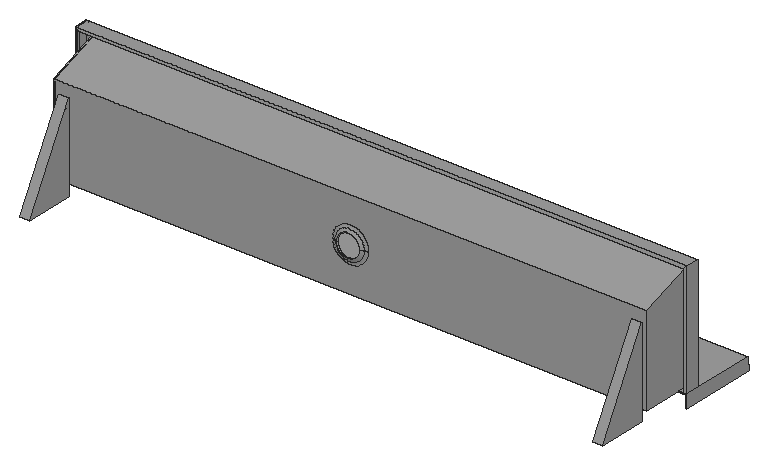
Revit family "equip-sink-elkay-sta-wall-ewma", category Plumbing Fixtures, host Face, Revit 2019
Family settings
  Host = Face
  Round Connector Dimension = Use Radius
  Part Type = Normal
  Cut with Voids When Loaded = No
  Shared = No
  Room Calculation Point = No
Parameters (values of type "EWMA96208")
  Wall Face to Drain Trap CL [instance] = 0' - 5 7/8"
  T4 = no
  Sink Edge Right to Faucet 4 Hole B = 0' - 8"
  Sink Edge Left to Faucet 1 Hole A = 0' - 8"
  Sink Bottom Corner From Front = 0' - 4 1/4"  # constant formula
  Side Splashes = no
  WFU = 0
  Vent Connection = yes
  Valve Material = Metal - Brass
  URL = "www.elkayusa.com"
  Type Comments = ""
  Thermostatic Mix Valve = no
  Supply Line Mix Length = if(No Mix Valve, 0' 3 1/2", 0' 0 1/2")  # 0' - 0 1/2"
  Stem Material = Metal - Steel
  Specification Sheet URL = "http://www.elkayusa.com/cps/rde/xbcr/elkay/03-17J_EWMA9620C.pdf"
  Sink Width = 1' - 8"
  Sink San Conn Extr Visibility = no
  Sink Part = "EWMA96208"
  Sink Material = Metal - Steel - Stainless - Chrome
  Sink Length = 8' - 0"
  Sink Rim Right Width = 0' - 1 1/2"  # constant formula
  Sink Rim Left Width = 0' - 1 1/2"  # constant formula
  Sink Rim Front Width = 0' - 1 1/2"  # constant formula
  Hidden Width = Sink Width  # 1' - 8"
  Hidden Length = Sink Length  # 8' - 0"
  GN08 = no
  Faucet CL to AC Adapter Elev = 1' - 10"
  Faucet 4 Hole B to Rough-In Water Supply CL 4 = 0' - 4"
  Faucet 4 Hole B to Faucet 4 CL = 0' - 4"
  Faucet 4 Hole B Front = 0' - 0 1/4"
  Faucet CL Vert to Bottom of Control Box Inlet = 2' - 2 21/64"
  Sanitary Nominal Radius = Sanitary Nominal Dia / 2  # 0' - 0 3/4"
  Sanitary Nominal Dia = 0' - 1 1/2"
  Sanitary Flow Rate = 10 GPM
  Rough-In Water Supply Installation Height = 3' - 6"
  Rough-In Sanitary Right From CL Sink = 0' - 0"
  Rough-In Sanitary Installation Height = 1' - 11"
  OmniClass Title = "Service Sinks"
  OmniClass Code = "23.45.05.14.14.27"
  Nominal Radius = Nominal Dia / 2  # 0' - 0 1/4"
  Nominal Dia = 0' - 0 1/2"
  No Mix Valve = no
  Model = "EWMA96208"
  Mix Valve Part = "NA"
  Minimum Cabinet Width = "NA"
  Mechanical Mix Valve = no
  MasterFormat Title = "Commercial Sinks"
  MasterFormat Number = "22.42.16.16"
  Manufacturer = "Elkay Manufacturing"
  Keynote = "D2010410"
  Hole Radius = Faucet Hole Dia / 2  # 0' - 0 3/4"
  Faucet 4 Hole B to A = 0' - 8"
  Faucet 4 Hole A Front = 0' - 0 1/4"
  Faucet 3 Rough-In Water Supply CL Separation = 0' - 8"
  Faucet 3 Hole B to Rough-In Water Supply CL 3 = 0' - 4"
  Faucet 3 Hole B to Faucet 3 CL = 0' - 4"
  Faucet 3 Hole B to A = 0' - 8"
  Faucet 3 Hole B from CL = 1' - 4"
  Faucet 3 Hole B Front = 0' - 0 1/4"
  Faucet 3 Hole A Front = 0' - 0 1/4"
  Faucet 2 Rough-In Water Supply CL Separation = 0' - 8"
  Faucet 2 Hole B from Hole A = 0' - 8"
  HWFU = 0
  HW Flow Rate = 2 GPM
  Floor to Rim Height Hidden [instance] = if(Default Elevation > 2' 7 31/64", Default Elevation, 2' 7 1/2")  # 3' - 0"
  Faucet Water Supply Radius = 0' - 0 3/16"  # constant formula
  Faucet Part = "NA"
  Faucet Material = Metal - Steel - Stainless - Chrome
  Faucet Hole Two = yes
  Faucet Hole Three = no
  Faucet 2 Hole B Front = 0' - 0 1/4"
  Faucet 2 Hole A to Rough-In Water Supply CL 2 = 0' - 4"
  Faucet 2 Hole A to Faucet 2 CL = 0' - 8"
  Faucet 2 Hole A Front = 0' - 0 1/4"
  Faucet 2 Hole A From CL = 1' - 4"
  Faucet Hole One = no
  Faucet Hole Dia = 0' - 1 1/2"
  Faucet CL to Wall = 0' - 3"
  Faucet 1 Hole B Front = 0' - 0 1/4"
  Faucet 1 Hole A to Rough-In Water Supply CL 1 = 0' - 4"
  Faucet 1 Hole A to Faucet 1 CL = 0' - 4"
  Faucet 1 Hole A to B = 0' - 8"
  Faucet 1 Hole A Front = 0' - 0 1/4"
  Drain Pipe Extension = 0' - 1 43/64"
  Drain Part = "NA"
  Drain Material = Metal - Steel - Stainless - Chrome
  Drain CL LR to Left Bowl Edge = Bowl Length / 2  # 3' - 10 1/4"
  Rough-In Water Supply CL Separation = 0' - 8"
  Description = "Wash-Up Lavatory Sinks"
  Default Elevation = 3' - 0"
  Date Created = "2011-07-12"
  Cost = 1
  CWFU = 0
  CW Flow Rate = 2 GPM
  Faucet CL to AC Adapter = 0' - 7"
  Faucet CL to Top Backsplash = 0' - 4"
  Bubbler Part = "NA"
  Bubbler Nominal Radius = Bubbler Nominal Dia / 2  # 0' - 0 1/4"
  Bubbler Nominal Dia = 0' - 0 1/2"
  Bubbler Material = Metal - Steel - Stainless - Chrome
  Bubbler CW Flow Rate = 2 GPM
  Bracket Front from Wall = 1' - 2"
  Bowl Width = Sink Width - Backsplash Width - Sink Bottom Corner From Front  # 1' - 1 3/4"
  Bowl Length = Sink Length - Sink Rim Front Width - Backsplash Width  # 7' - 8 1/2"
  Bowl Drain Location FB = Bowl Width / 2  # 0' - 6 7/8"
  Bowl Depth = 0' - 8"
  Backsplash Width = 0' - 2"  # constant formula
  Backsplash Height = 0' - 10"
  Assembly Code = "D2010410"
  Angle to Drain = 90.00°
  AC Power = no
Reference planes (in)
  plane 1 "Center (Front/Back)": y = 0
  plane 2: z = 0
  plane 3 "Center (Left/Right)": x = 0
  plane 4 "Recommend Installation Base": y = -36
  plane 5 "Face of Connectors": z = 0.125
  plane 6 "Water Supply Install Height": y = 6
  plane 7 "Sanitary Install Height": y = -13
  plane 8 "Water Cold Supply Install Plan": x = -32
  plane 9 "Water Hot Supply Plan": x = -40
  plane 10 "Sanitary Install Plan": x = 0
  plane 11 "Sink Deck": y = -0.1875
  plane 12 "CL Valve Plan": x = -36
  plane 13 "CL Valve Section": z = 2.5
  plane 14 "CL Drain F/B": z = 8.875
  plane 15 "Left": x = -48
  plane 16 "Right": x = 48
  plane 17 "Front": z = 20
  plane 18 "cL vertical inlet at top bend water linlet": z = 1
  plane 19 "Front Edge Bowl": z = 18.5
  plane 20 "Left Edge Bowl": x = -46.5
  plane 21 "Right Edge Bowl": x = 46.5
  plane 22 "Masking Region": y = 1.25
  plane 23 "Sanitary pipe vertical radius cl": x = 0
  plane 24 "CL Battery Pack from Wall": z = 1
  plane 25 "Top of Drain Family": y = -7.96875
  plane 26 "Bowl Bottom": y = -8
  plane 27 "CL Faucet Hole Elevation": y = 6
  plane 28 "Top": y = 10
  plane 29 "Bottom Drain Pipe Extension": y = -12.58619
  plane 30 "Top of Drain Pipe Extension": y = -9.43875
  plane 31 "Backsplash Front": z = 2
  plane 32 "Faucet 1 Hole A": x = -40
  plane 33 "Faucet 4 Hole B": x = 40
  plane 34 "Faucet 4 Hot Water Supply at Wall": x = 32
  plane 35 "Faucet 4 Cold Water Supply": x = 40
  plane 36 "Faucet 4 Valve CL Plan": x = 36
  plane 37 "Sink Bottom Front": z = 15.75
  plane 38 "bOTTOM OF pipe drain": y = -14.25806
  plane 39 "Faucet 1 CL Vertical": x = -36
  plane 40 "Faucet 4 CL Vertical": x = 36
  plane 41 "Faucet 2 Hole A": x = -16
  plane 42 "Faucet 2 CL": x = -8
  plane 43 "Faucet 2 Hot Water Supply": x = -16
  plane 44 "DrainSpout Right": x = 0.375
  plane 45 "DrainSpout Left": x = -0.375
  plane 46 "Faucet 3 Cold Water Supply": x = 16
  plane 47 "Faucet 3 CL": x = 12
  plane 48 "Faucet 3 Hot Water Supply": x = 8
  plane 49 "Faucet 3 Hole B": x = 16
  plane 50 "Valve 3 CL": x = 12
  plane 51 "Faucet 2 Cold Water Supply": x = -8
  plane 52 "Valve 2 CL": x = -12
Forms (in)
  Extrusion 1, solid, material "Glass", not visible
    sketch origin (0, 0, 0) x (1, 0, 0) y (0, 1, 0)
      loop
        circle (0, -13) r 0.75
    from 0 to 0.125
  Extrusion 2, solid, material "Glass", not visible
    sketch origin (0, 0, 0) x (1, 0, 0) y (0, 1, 0)
      loop
        circle (-40, 6) r 0.25
    from 0 to 0.125
  Extrusion 3, solid, material "Glass", not visible
    sketch origin (0, 0, 0) x (1, 0, 0) y (0, 1, 0)
      loop
        circle (-32, 6) r 0.25
    from 0 to 0.125
  Extrusion 4, solid, material "Glass", not visible
    sketch origin (0, 0, 0) x (1, 0, 0) y (0, 1, 0)
      loop
        circle (40, 6) r 0.25
    from 0 to 0.125
  Extrusion 5, solid, material "Glass", not visible
    sketch origin (0, 0, 0) x (1, 0, 0) y (0, 1, 0)
      loop
        circle (32, 6) r 0.25
    from 0 to 0.125
  Extrusion 6, solid, material "Glass", not visible
    sketch origin (0, 0, 0) x (1, 0, 0) y (0, 1, 0)
      loop
        circle (-8, 6) r 0.25
    from 0 to 0.125
  Extrusion 7, solid, material "Glass", not visible
    sketch origin (0, 0, 0) x (1, 0, 0) y (0, 1, 0)
      loop
        circle (-16, 6) r 0.25
    from 0 to 0.125
  Extrusion 8, solid, material "Glass", not visible
    sketch origin (0, 0, 0) x (1, 0, 0) y (0, 1, 0)
      loop
        circle (8, 6) r 0.25
    from 0 to 0.125
  Extrusion 9, solid, material "Glass", not visible
    sketch origin (0, 0, 0) x (1, 0, 0) y (0, 1, 0)
      loop
        circle (16, 6) r 0.25
    from 0 to 0.125
Lines and regions (in)
  Masking region 1
    outline origin (0, 1.25, 0) x (0, 0, 1) y (1, 0, 0)
      loop
        line (20, 48) -> (0, 48) -> (0, -48) -> (20, -48) -> (20, 48)
  reference lines, not visible
    curve 1: circle (0, -13, 0) r 0.75 normal (0, 0, 1)
    curve 2: circle (-40, 6, 0) r 0.25 normal (0, 0, 1)
    curve 3: circle (-32, 6, 0) r 0.25 normal (0, 0, 1)
    curve 4: circle (-32, 0, 5.5) r 0.25 normal (0, -1, 0)
    curve 5: circle (0, 0, 5.5) r 0.1875 normal (0, -1, 0)
    curve 11: circle (32, 6, 0) r 0.25 normal (0, 0, 1)
    curve 12: circle (0, 6, 8.875) r 1.75 normal (0, 1, 0)
    curve 13: arc (0.375, 6, 11.09353) -> (0, 6, 6.625) -> (-0.375, 6, 11.09353) r 2.25
    curve 14: circle (-16, 6, 0) r 0.25 normal (0, 0, 1)
    curve 27: circle (8, 6, 0) r 0.25 normal (0, 0, 1)
    curve 28: circle (16, 6, 0) r 0.25 normal (0, 0, 1)
    curve 29: circle (40, 6, 0) r 0.25 normal (0, 0, 1)
    curve 30: circle (-8, 6, 0) r 0.25 normal (0, 0, 1)
  symbolic lines, style "Sink Plan"
    curve 6: line (48, 1.25, 2) -> (-48, 1.25, 2)
    curve 7: line (-46.5, 1.25, 18.5) -> (46.5, 1.25, 18.5)
    curve 8: line (46.5, 1.25, 2) -> (46.5, 1.25, 18.5)
    curve 9: line (-46.5, 1.25, 15.75) -> (46.5, 1.25, 15.75)
    curve 10: line (-46.5, 1.25, 2) -> (-46.5, 1.25, 18.5)
    curve 17: arc (-0.375, 1.25, 11.09353) -> (0, 1.25, 11.125) -> (0.375, 1.25, 11.09353) r 2.25
    curve 18: arc (0.375, 1.25, 11.09353) -> (2.25, 1.25, 8.875) -> (0.375, 1.25, 6.65647) r 2.25
    curve 19: arc (0.375, 1.25, 10.58435) -> (1.75, 1.25, 8.875) -> (0.375, 1.25, 7.16565) r 1.75
    curve 20: arc (-0.375, 1.25, 10.58435) -> (0, 1.25, 10.625) -> (0.375, 1.25, 10.58435) r 1.75
    curve 21: arc (-0.375, 1.25, 7.16565) -> (-1.75, 1.25, 8.875) -> (-0.375, 1.25, 10.58435) r 1.75
    curve 22: arc (0.375, 1.25, 7.16565) -> (0, 1.25, 7.125) -> (-0.375, 1.25, 7.16565) r 1.75
    curve 23: arc (0.375, 1.25, 6.65647) -> (0, 1.25, 6.625) -> (-0.375, 1.25, 6.65647) r 2.25
    curve 24: arc (-0.375, 1.25, 6.65647) -> (-2.25, 1.25, 8.875) -> (-0.375, 1.25, 11.09353) r 2.25
  symbolic lines, style "InvisibleLines"
    curve 15: line (-0.375, 1.25, 11.09353) -> (-0.375, 1.25, 10.58435)
    curve 16: line (0.375, 1.25, 11.09353) -> (0.375, 1.25, 10.58435)
    curve 25: line (0.375, 1.25, 7.16565) -> (0.375, 1.25, 6.65647)
    curve 26: line (-0.375, 1.25, 7.16565) -> (-0.375, 1.25, 6.65647)
Dimensions and locks (in)
  plane 4 "Recommend Installation Base" to plane 1 "Center (Front/Back)" = 3' - 0"
  locked: plane 5 "Face of Connectors" to plane 2 at 0.125
  "Faucet 1 Hole A to Rough-In Water Supply CL 1": plane 32 "Faucet 1 Hole A" to plane 12 "CL Valve Plan"
  "Rough-In Water Supply CL Separation": plane 9 "Water Hot Supply Plan" to plane 8 "Water Cold Supply Install Plan"
  "Rough-In Sanitary Right From CL Sink": plane 3 "Center (Left/Right)" to plane 10 "Sanitary Install Plan"
  "Floor to Rim Height Hidden": plane 4 "Recommend Installation Base" to plane 1 "Center (Front/Back)"
  "Rough-In Water Supply Installation Height": plane 6 "Water Supply Install Height" to plane 4 "Recommend Installation Base"
  "Rough-In Sanitary Installation Height": plane 7 "Sanitary Install Height" to plane 4 "Recommend Installation Base"
  locked: plane 1 "Center (Front/Back)" to plane 11 "Sink Deck" at 0.1875
  equal spacing: plane 9 "Water Hot Supply Plan", plane 12 "CL Valve Plan", plane 8 "Water Cold Supply Install Plan"
  locked: plane 13 "CL Valve Section" to plane 2 at 2.5
  "Bowl Drain Location FB": plane 14 "CL Drain F/B" to plane 31 "Backsplash Front"
  "Sink Rim Left Width": plane 15 "Left" to plane 20 "Left Edge Bowl"
  "Sink Rim Right Width": plane 21 "Right Edge Bowl" to plane 16 "Right"
  "Sink Rim Front Width": plane 19 "Front Edge Bowl" to plane 17 "Front"
  "Sink Length": plane 15 "Left" to plane 16 "Right"
  equal spacing: plane 15 "Left", plane 3 "Center (Left/Right)", plane 16 "Right"
  locked: plane 1 "Center (Front/Back)" to plane 22 "Masking Region" at 1.25
  equal spacing: plane 3 "Center (Left/Right)", plane 23 "Sanitary pipe vertical radius cl", plane 10 "Sanitary Install Plan"
  locked: plane 2 to plane 24 "CL Battery Pack from Wall" at 1
  locked: plane 26 "Bowl Bottom" to plane 25 "Top of Drain Family" at 0.03125
  "Bowl Depth": plane 26 "Bowl Bottom" to plane 1 "Center (Front/Back)"
  "Sink Width": plane 2 to plane 17 "Front"
  "Faucet CL to Top Backsplash": plane 27 "CL Faucet Hole Elevation" to plane 28 "Top"
  "Backsplash Height": plane 1 "Center (Front/Back)" to plane 28 "Top"
  locked: plane 2 to plane 18 "cL vertical inlet at top bend water linlet" at 1
  locked: plane 25 "Top of Drain Family" to plane 30 "Top of Drain Pipe Extension" at 1.47
  "Backsplash Width": host face to plane 31 "Backsplash Front"
  "Sink Edge Left to Faucet 1 Hole A": plane 15 "Left" to plane 32 "Faucet 1 Hole A"
  "Sink Edge Right to Faucet 4 Hole B": plane 33 "Faucet 4 Hole B" to plane 16 "Right"
  equal spacing: plane 34 "Faucet 4 Hot Water Supply at Wall", plane 36 "Faucet 4 Valve CL Plan", plane 35 "Faucet 4 Cold Water Supply"
  "Faucet 4 Hole B to Rough-In Water Supply CL 4": plane 36 "Faucet 4 Valve CL Plan" to plane 33 "Faucet 4 Hole B"
  "Rough-In Water Supply CL Separation": plane 34 "Faucet 4 Hot Water Supply at Wall" to plane 35 "Faucet 4 Cold Water Supply"
  "Sink Bottom Corner From Front": plane 37 "Sink Bottom Front" to plane 17 "Front"
  locked: plane 38 "bOTTOM OF pipe drain" to plane 7 "Sanitary Install Height" at 1.25806
  "Drain Pipe Extension": plane 38 "bOTTOM OF pipe drain" to plane 29 "Bottom Drain Pipe Extension"
  "Faucet 1 Hole A to Faucet 1 CL": plane 32 "Faucet 1 Hole A" to plane 39 "Faucet 1 CL Vertical"
  "Faucet 4 Hole B to Faucet 4 CL": plane 40 "Faucet 4 CL Vertical" to plane 33 "Faucet 4 Hole B"
  "Faucet 2 Hole A From CL": plane 41 "Faucet 2 Hole A" to plane 3 "Center (Left/Right)"
  "Faucet 2 Hole A to Faucet 2 CL": plane 41 "Faucet 2 Hole A" to plane 42 "Faucet 2 CL"
  "Faucet 2 Hole A to Rough-In Water Supply CL 2": plane 41 "Faucet 2 Hole A" to plane 52 "Valve 2 CL"
  locked: plane 3 "Center (Left/Right)" to plane 44 "DrainSpout Right" at 0.375
  locked: plane 3 "Center (Left/Right)" to plane 45 "DrainSpout Left" at 0.375
  "Faucet 3 Hole B to Faucet 3 CL": plane 47 "Faucet 3 CL" to plane 49 "Faucet 3 Hole B"
  "Faucet 3 Hole B from CL": plane 3 "Center (Left/Right)" to plane 49 "Faucet 3 Hole B"
  "Faucet 3 Rough-In Water Supply CL Separation": plane 48 "Faucet 3 Hot Water Supply" to plane 46 "Faucet 3 Cold Water Supply"
  equal spacing: plane 48 "Faucet 3 Hot Water Supply", plane 50 "Valve 3 CL", plane 46 "Faucet 3 Cold Water Supply"
  "Faucet 3 Hole B to Rough-In Water Supply CL 3": plane 50 "Valve 3 CL" to plane 49 "Faucet 3 Hole B"
  "Faucet 2 Rough-In Water Supply CL Separation": plane 43 "Faucet 2 Hot Water Supply" to plane 51 "Faucet 2 Cold Water Supply"
  equal spacing: plane 43 "Faucet 2 Hot Water Supply", plane 52 "Valve 2 CL", plane 51 "Faucet 2 Cold Water Supply"
  "Sanitary Nominal Radius": radius of curve 1
  "Nominal Radius": radius of curve 2
  "Nominal Radius": radius of curve 3
  "Nominal Radius": radius of curve 4
  "Faucet Water Supply Radius": radius of curve 5
  "Nominal Radius": radius of curve 11
  "Nominal Radius": radius of curve 14
  "Nominal Radius": radius of curve 27
  "Nominal Radius": radius of curve 28
  "Nominal Radius": radius of curve 29
  "Nominal Radius": radius of curve 30
  aligned and locked: host face to plane 2
  aligned and locked: host face to level
  aligned and locked: Extrusion 1 sketch curve to curve 1
  aligned and locked: Extrusion 2 sketch curve to curve 2
  aligned and locked: Extrusion 3 sketch curve to curve 3
  aligned and locked: Extrusion 1 to plane 2
  aligned and locked: plane 5 "Face of Connectors" to Extrusion 1
  aligned and locked: Extrusion 3 to plane 2
  aligned and locked: Extrusion 3 to plane 5 "Face of Connectors"
  aligned and locked: Extrusion 2 to plane 2
  aligned and locked: Extrusion 2 to plane 5 "Face of Connectors"
  aligned and locked: Masking region 1 sketch curve to plane 15 "Left"
  aligned and locked: Masking region 1 sketch curve to plane 17 "Front"
  aligned and locked: plane 16 "Right" to Masking region 1 sketch curve
  aligned and locked: plane 2 to Masking region 1 sketch curve
  aligned and locked: nested 1 to plane 2
  aligned and locked: nested 1 to plane 1 "Center (Front/Back)"
  aligned and locked: plane 3 "Center (Left/Right)" to nested 1
  aligned and locked: plane 16 "Right" to curve 6
  aligned and locked: plane 20 "Left Edge Bowl" to curve 10
  aligned and locked: curve 6 to plane 31 "Backsplash Front"
  aligned and locked: plane 15 "Left" to curve 6
  aligned and locked: curve 9 to plane 37 "Sink Bottom Front"
  aligned and locked: plane 20 "Left Edge Bowl" to curve 9
  aligned and locked: curve 8 to plane 21 "Right Edge Bowl"
  aligned and locked: curve 7 to plane 19 "Front Edge Bowl"
  aligned and locked: plane 21 "Right Edge Bowl" to curve 9
  aligned and locked: plane 31 "Backsplash Front" to curve 8
  aligned and locked: Extrusion 4 to plane 5 "Face of Connectors"
  aligned and locked: Extrusion 4 to plane 2
  aligned and locked: Extrusion 5 sketch curve to curve 11
  aligned and locked: Extrusion 5 to plane 2
  aligned and locked: Extrusion 5 to plane 5 "Face of Connectors"
  aligned and locked: Extrusion 7 sketch curve to curve 14
  aligned and locked: Extrusion 6 to plane 2
  aligned and locked: Extrusion 7 to plane 2
  aligned and locked: Extrusion 7 to plane 5 "Face of Connectors"
  aligned and locked: Extrusion 6 to plane 5 "Face of Connectors"
  aligned and locked: curve 19 to curve 12
  aligned and locked: Extrusion 8 sketch curve to curve 27
  aligned and locked: Extrusion 9 sketch curve to curve 28
  aligned and locked: Extrusion 8 to plane 2
  aligned and locked: Extrusion 9 to plane 2
  aligned and locked: Extrusion 9 to plane 5 "Face of Connectors"
  aligned and locked: Extrusion 8 to plane 5 "Face of Connectors"
  aligned and locked: Extrusion 4 sketch curve to curve 29
  aligned and locked: Extrusion 6 sketch curve to curve 30
Automatic sketch dimensions
  host sketch curve to host sketch curve = 16' - 11.16325"
  host sketch curve to host sketch curve = 8' - 0"
  curve 4 to plane 8 "Water Cold Supply Install Plan" = 0' - 0"
  curve 5 to plane 3 "Center (Left/Right)" = 0' - 0"
  curve 5 to plane 13 "CL Valve Section" = 0' - 3"
  curve 4 to plane 13 "CL Valve Section" = 0' - 3"
  curve 12 to curve 13 = 0' - 0"  (x2)
  curve 13 to plane 3 "Center (Left/Right)" = 0' - 0"
  curve 13 to plane 14 "CL Drain F/B" = 0' - 0"
  plane 45 "DrainSpout Left" to curve 13 = 0' - 0"
  curve 13 to plane 45 "DrainSpout Left" = 0' - 0 3/4"
  curve 17 to curve 18 = 0' - 0"
  curve 17 to curve 19 = 0' - 0"  (x2)
  plane 44 "DrainSpout Right" to curve 19 = 0' - 0"
  plane 44 "DrainSpout Right" to curve 17 = 0' - 0"
  curve 15 to curve 15 = 0' - 0.50918"
  curve 17 to curve 20 = 0' - 0"  (x2)
  curve 17 to curve 21 = 0' - 0"
  curve 17 to curve 22 = 0' - 0"  (x2)
  curve 17 to curve 23 = 0' - 0"  (x2)
  curve 17 to curve 24 = 0' - 0"  (x2)
  plane 45 "DrainSpout Left" to curve 24 = 0' - 0"
  plane 45 "DrainSpout Left" to curve 21 = 0' - 0"
  curve 2 to plane 6 "Water Supply Install Height" = 0' - 0"
  curve 2 to plane 9 "Water Hot Supply Plan" = 0' - 0"
  curve 3 to plane 6 "Water Supply Install Height" = 0' - 0"
  curve 3 to plane 8 "Water Cold Supply Install Plan" = 0' - 0"
  curve 14 to plane 6 "Water Supply Install Height" = 0' - 0"
  curve 14 to plane 43 "Faucet 2 Hot Water Supply" = 0' - 0"
  curve 30 to plane 6 "Water Supply Install Height" = 0' - 0"
  curve 30 to plane 51 "Faucet 2 Cold Water Supply" = 0' - 0"
  curve 1 to plane 3 "Center (Left/Right)" = 0' - 0"
  curve 27 to plane 6 "Water Supply Install Height" = 0' - 0"
  curve 27 to plane 48 "Faucet 3 Hot Water Supply" = 0' - 0"
  curve 28 to plane 6 "Water Supply Install Height" = 0' - 0"
  curve 28 to plane 46 "Faucet 3 Cold Water Supply" = 0' - 0"
  curve 11 to plane 6 "Water Supply Install Height" = 0' - 0"
  curve 11 to plane 34 "Faucet 4 Hot Water Supply at Wall" = 0' - 0"
  curve 29 to plane 6 "Water Supply Install Height" = 0' - 0"
  curve 29 to plane 35 "Faucet 4 Cold Water Supply" = 0' - 0"
  curve 1 to plane 7 "Sanitary Install Height" = 0' - 0"
  radius of curve 12 = 0' - 1 3/4"
  radius of curve 13 = 0' - 2 1/4"
Nested families (in)
  nested 1: "equip-sink-elkay-sta-wall-perp" at (6, -24, 10) x (1, 0, 0) z (0, 1, 0), type "equip-sink-elkay-sta-wall-perp"
    with Sink Length 8' - 0", Sink Edge Right to Faucet 4 Hole B 0' - 8", Sink Edge Left to Faucet 1 Hole A 0' - 8", Faucet 1 Hole A to B 0' - 8", Faucet 4 Hole B to A 0' - 8", Faucet 3 Hole B to A 0' - 8", Faucet 3 Hole B From CL 1' - 4", Bowl Length 7' - 8 1/2", Hidden Length 8' - 0", Faucet 2 Hole A From CL 1' - 4", Faucet CL from Top Backsplash 0' - 4"
Connectors (in)
  piping at (0, -13, 0), diameter 1.5, driven by "Sanitary Nominal Radius", driven by "Sanitary Flow Rate"
    settings: on Extrusion 1, index 1, connector inside diameter 1 1/2", connector length 0' - 0", flow factor 0, pipe flow 10 GPM, pressure drop 0.00 psi, fitting loss kfactor 0, connector angle 0.00°, fixture units 0, engagement length 0' - 0", angle of deflection 0.00°, flow configuration 1, flow direction 2, fitting loss method 0, system type 16, joint type 0, gender type 0, connector reference index -1, connector utility 0, adjustable connector yes, is connector primary yes, connector description "Sanitary"
  piping at (-32, 6, 0), diameter 0.5, driven by "Nominal Radius", driven by "CW Flow Rate"
    settings: on Extrusion 3, index 2, connector inside diameter 1/2", connector length 0' - 0", flow factor 0, pipe flow 2 GPM, pressure drop 0.00 psi, fitting loss kfactor 0, connector angle 0.00°, fixture units 0, engagement length 0' - 0", angle of deflection 0.00°, flow configuration 1, flow direction 1, fitting loss method 0, system type 29, joint type 0, gender type 0, connector reference index -1, connector utility 0, adjustable connector no, is connector primary no, connector description "Faucet 1 Cold Water Supply"
  piping at (-40, 6, 0), diameter 0.5, driven by "Nominal Radius", driven by "CW Flow Rate"
    settings: on Extrusion 2, index 3, connector inside diameter 1/2", connector length 0' - 0", flow factor 0, pipe flow 2 GPM, pressure drop 0.00 psi, fitting loss kfactor 0, connector angle 0.00°, fixture units 0, engagement length 0' - 0", angle of deflection 0.00°, flow configuration 1, flow direction 1, fitting loss method 0, system type 29, joint type 0, gender type 0, connector reference index -1, connector utility 0, adjustable connector no, is connector primary no, connector description "Faucet 1 Hot Water Supply"
  piping at (32, 6, 0), diameter 0.5, driven by "HW Flow Rate", driven by "Nominal Radius"
    settings: on Extrusion 5, index 5, connector inside diameter 1/2", connector length 0' - 0", flow factor 0, pipe flow 2 GPM, pressure drop 0.00 psi, fitting loss kfactor 0, connector angle 0.00°, fixture units 0, engagement length 0' - 0", angle of deflection 0.00°, flow configuration 1, flow direction 1, fitting loss method 0, system type 29, joint type 0, gender type 0, connector reference index -1, connector utility 1, adjustable connector no, is connector primary no, connector description "Faucet 4 Hot Water Supply"
  piping at (40, 6, 0), diameter 0.5, driven by "CW Flow Rate", driven by "Nominal Radius"
    settings: on Extrusion 4, index 6, connector inside diameter 1/2", connector length 0' - 0", flow factor 0, pipe flow 2 GPM, pressure drop 0.00 psi, fitting loss kfactor 0, connector angle 0.00°, fixture units 0, engagement length 0' - 0", angle of deflection 0.00°, flow configuration 1, flow direction 1, fitting loss method 0, system type 29, joint type 0, gender type 0, connector reference index -1, connector utility 0, adjustable connector no, is connector primary no, connector description "Faucet 4 Cold Water Supply"
  piping at (-16, 6, 0), diameter 0.5, driven by "HW Flow Rate", driven by "Nominal Radius"
    settings: on Extrusion 7, index 7, connector inside diameter 1/2", connector length 0' - 0", flow factor 0, pipe flow 2 GPM, pressure drop 0.00 psi, fitting loss kfactor 0, connector angle 0.00°, fixture units 0, engagement length 0' - 0", angle of deflection 0.00°, flow configuration 1, flow direction 1, fitting loss method 0, system type 29, joint type 0, gender type 0, connector reference index -1, connector utility 0, adjustable connector no, is connector primary no, connector description "Faucet 2 Hot Water Supply"
  piping at (-8, 6, 0), diameter 0.5, driven by "CW Flow Rate", driven by "Nominal Radius"
    settings: on Extrusion 6, index 8, connector inside diameter 1/2", connector length 0' - 0", flow factor 0, pipe flow 2 GPM, pressure drop 0.00 psi, fitting loss kfactor 0, connector angle 0.00°, fixture units 0, engagement length 0' - 0", angle of deflection 0.00°, flow configuration 1, flow direction 1, fitting loss method 0, system type 29, joint type 0, gender type 0, connector reference index -1, connector utility 0, adjustable connector no, is connector primary no, connector description "Faucet 2 Cold Water Supply"
  piping at (16, 6, 0), diameter 0.5, driven by "CW Flow Rate", driven by "Nominal Radius"
    settings: on Extrusion 9, index 9, connector inside diameter 1/2", connector length 0' - 0", flow factor 0, pipe flow 2 GPM, pressure drop 0.00 psi, fitting loss kfactor 0, connector angle 0.00°, fixture units 0, engagement length 0' - 0", angle of deflection 0.00°, flow configuration 1, flow direction 1, fitting loss method 0, system type 29, joint type 0, gender type 0, connector reference index -1, connector utility 0, adjustable connector no, is connector primary no, connector description "Faucet 3 Cold Water Supply"
  piping at (8, 6, 0), diameter 0.5, driven by "Nominal Radius", driven by "HW Flow Rate"
    settings: on Extrusion 8, index 10, connector inside diameter 1/2", connector length 0' - 0", flow factor 0, pipe flow 2 GPM, pressure drop 0.00 psi, fitting loss kfactor 0, connector angle 0.00°, fixture units 0, engagement length 0' - 0", angle of deflection 0.00°, flow configuration 1, flow direction 1, fitting loss method 0, system type 29, joint type 0, gender type 0, connector reference index -1, connector utility 0, adjustable connector no, is connector primary no, connector description "Faucet 3 Hot Water Supply"
Definition of nested family "equip-sink-elkay-sta-wall-perp"
  Parameters
    Type Comments = ""
    Sink Width = 1' - 8"
    Sink Rim Right Width = 0' - 1 1/2"  # constant formula
    Sink Material = none
    Sink Length = 4' - 0"
    Sink Edge Right to Faucet 4 Hole B = 0' - 3 1/2"
    Sink Edge Left to Faucet 1 Hole A = 0' - 3 1/2"
    Sink Bottom Corner From Front = 0' - 4 1/4"
    Manufacturer = ""
    Hidden Width = Sink Width  # 1' - 8"
    Faucet Hole Radius = Faucet Hole Dia / 2  # 0' - 0 3/4"
    Faucet Hole Dia = 0' - 1 1/2"
    Faucet 1 Hole A to B = 0' - 3"
    Faucet 4 Hole B to A = 0' - 3"
    Faucet 4 Hole B Front = 0' - 0 1/4"
    Faucet 4 Hole A Front = 0' - 0 1/4"
    Faucet 3 Hole B to A = 0' - 3"
    Faucet 3 Hole B Front = 0' - 0 1/4"
    Faucet 3 Hole B From CL = 1' - 1"
    Faucet 3 Hole A Front = 0' - 0 1/4"
    Faucet 2 Hole B Front = 0' - 0 1/4"
    Faucet 2 Hole A Front = 0' - 0 1/4"
    Faucet 1 Hole B Front = 0' - 0 1/4"
    Faucet 1 Hole A Front = 0' - 0 1/4"
    Description = ""
    Default Elevation = 4' - 0"
    Bracket Front from Wall = 1' - 2"
    Bowl Length = Sink Length - Sink Rim Front Width - Backsplash Width  # 3' - 8 1/2"
    Hidden Length = Sink Length  # 4' - 0"
    Sink Rim Left Width = 0' - 1 1/2"  # constant formula
    Sink Rim Front Width = 0' - 1 1/2"  # constant formula
    Sink Drain Location Front-Back = Bowl Width / 2  # 0' - 6 7/8"
    Bowl Depth = 0' - 8"
    Bowl Width = Sink Width - Backsplash Width - Sink Bottom Corner From Front  # 1' - 1 3/4"
    Rim Height = 2' - 0"
    Faucet 2 Hole B From Hole A = 0' - 8"
    Faucet 2 Hole A From CL = 0' - 4"
    Faucet CL from Top Backsplash = 0' - 3 1/2"
    Backsplash Width = 0' - 2"  # constant formula
    Backsplash Height = 0' - 10"
    Assembly Code = ""
  Reference planes (in)
    plane 1 "CL Sink Hole": y = 1.125
    plane 2 "Bottom": z = 0
    plane 3 "Center (Left/Right)": x = -6
    plane 4 "Basin Edge Left": x = -28.5
    plane 5 "Basin Edge Right": x = 16.5
    plane 6 "Basin Edge Back": y = 8
    plane 7 "Basin Edge Front": y = -8.5
    plane 8 "Left": x = -30
    plane 9 "Right": x = 18
    plane 10 "Back": y = 10
    plane 11 "Front": y = -10
    plane 12 "Sink Bowl Bottom (Top Face)": z = 16
    plane 13 "Sink Bowl Bottom (Bottom Face)": z = 15.875
    plane 14 "Center (Front/Back)": y = 0
    plane 15 "Sink Rim Top": z = 24
    plane 16 "Sink Rim Inside Lower Edge": z = 23.625
    plane 17 "Backsplash Top": z = 34
    plane 18 "Backsplash Side Piece Angle": z = 33.875
    plane 19 "Backsplash Side Piece Bottom": z = 21.88677
    plane 20 "Backsplash Side Right Piece Inside Edge": x = 17.875
    plane 21 "Backsplash Side Left Piece Inside Edge": x = -29.875
    plane 22 "Basin Edge Right Outside Face": x = 16.625
    plane 23 "Basin Edge Left Outside Face": x = -28.625
    plane 24 "Faucet Hole CL Elev": z = 30.5
    plane 25 "Faucet 2 Hole A CL": x = -10
    plane 26 "Faucet 2 Hole B CL": x = -2
    plane 27 "Basin Edge Front Outside Edge": y = -8.6291
    plane 28 "Basin Edge Back Outside Edge": y = 8.125
    plane 29 "Front of Bracket": y = -4
    plane 30 "bottom of bracket": z = 8.25
    plane 31 "Left Bracket Left Edge": x = -27.75
    plane 32 "Left Bracket Right Edge": x = -26.25
    plane 33 "SINK TOP PIECE UNDERNEATH SIDE": z = 23.5
    plane 34 "LEFT BRACKET CENTER": x = -27
    plane 35 "Right Drainboard Left Bracket CL": x = 15
    plane 36 "Right Drainboard Bracket Right Edge": x = 15.75
    plane 37 "Right Drainboard Bracket Left Edge": x = 14.25
    plane 38 "Masking Region": z = 35
    plane 39 "Faucet 2 Hole A Front": y = 8
    plane 40 "Faucet 2 Hole B Front": y = 8
    plane 41 "Faucet Hole Void Back": y = 8.25
    plane 42 "bOTTOM fRONT REFERENCE CORNERE": y = -5.75
    plane 43 "front corner bottom outside face": y = -5.84684
    plane 44 "Faucet 1 Hole A CL": x = -26.5
    plane 45 "Faucet 1 Hole B CL": x = -23.5
    plane 46 "Faucet 3 Hole A CL": x = 4
    plane 47 "Faucet 3 Hole B CL": x = 7
    plane 48 "Faucet 4 Hole A CL": x = 11.5
    plane 49 "Faucet 4 Hole B CL": x = 14.5
    plane 50 "Faucet 1 Hole A Front": y = 8
    plane 51 "Faucet 1 Hole B Front": y = 8
    plane 52 "Faucet 3 Hole A Front": y = 8
    plane 53 "Faucet 3 Hole B Front": y = 8
    plane 54 "Faucet 4 Hole A Front": y = 8
    plane 55 "Faucet 4 Hole B Front": y = 8
  Forms (in)
    Sweep 1, solid, material <- "Sink Material"
      path origin (0, 0, 24) x (0, -1, 0) y (1, 0, 0)
        loop
          line (-8, 18) -> (10, 18) -> (10, -30) -> (-8, -30)
      profile "profile-wash-sta-rim : profile-wash-sta-rim" origin (-30, -1, 24) x (-1, 0, 0) y (0, 0, 1)
        loop
          line (-1.5, -0.375) -> (-1.42213, -0.41996) -> (-0.07031, -0.082) -> (-0.07031, -1.94605) -> (-0.42259, -2.04044) -> (-0.42259, -2.11323) -> (0, -2) -> (0, 0) -> (-1.5, -0.375)
    Extrusion 2, solid, material <- "Sink Material"
      sketch origin (-6, 0, 0) x (0, 1, 0) y (0, 0, 1)
        loop
          line (8, 21.88677) -> (8.125, 21.88677) -> (8.125, 33.875) -> (10, 33.875) -> (10, 34) -> (8, 34) -> (8, 21.88677)
      from -24 to 24
    Extrusion 3, solid, material <- "Sink Material"
      sketch origin (-6, 0, 0) x (0, 1, 0) y (0, 0, 1)
        loop
          line (8.125, 33.875) -> (8.125, 21.88677) -> (10, 21.88677) -> (10, 33.875) -> (8.125, 33.875)
      from 23.875 to 24
    Extrusion 4, solid, material <- "Sink Material"
      sketch origin (-6, 0, 0) x (0, 1, 0) y (0, 0, 1)
        loop
          line (8.125, 33.875) -> (8.125, 21.88677) -> (10, 21.88677) -> (10, 33.875) -> (8.125, 33.875)
      from -24 to -23.875
    Extrusion 5, solid, material <- "Sink Material"
      sketch origin (-6, 0, 0) x (0, 1, 0) y (0, 0, 1)
        loop
          line (-8.6291, 23.625) -> (-5.84684, 15.875) -> (8.125, 15.875) -> (8.125, 23.625) -> (-8.6291, 23.625)
      from 22.5 to 22.625
    Extrusion 6, solid, material <- "Sink Material"
      sketch origin (-6, 0, 0) x (0, 1, 0) y (0, 0, 1)
        loop
          line (8.125, 23.625) -> (-8.6291, 23.625) -> (-5.84684, 15.875) -> (8.125, 15.875) -> (8.125, 23.625)
      from -22.625 to -22.5
    Extrusion 7, void
      sketch origin (0, 1.125, 0) x (1, 0, 0) y (0, 0, 1)
        loop
          circle (-10, 30.5) r 0.75
      from -7.125 to -6.875
    Extrusion 8, void
      sketch origin (0, 1.125, 0) x (1, 0, 0) y (0, 0, 1)
        loop
          circle (-2, 30.5) r 0.75
      from -7.125 to -6.875
    Extrusion 9, void
      sketch origin (-45.27944, 78.60934, 0) x (1, 0, 0) y (0, 1, 0)
        loop
          circle (39.27944, -77.48434) r 2.79688
      from 15.875 to 16
    Sweep 10, solid, material <- "Sink Material"
      path origin (0, 0, 16) x (-1, 0, 0) y (0, -1, 0)
        loop
          circle (6, -1.125) r 2.79688
      profile "profile-elkay-sink-hole-d43b : profile-elkay-sink-hole-d43b" origin (-6, -1.67188, 16) x (0, 1, 0) y (0, 0, 1)
        loop
          arc (0.58125, -0.17069) -> (0.3029, -0.04356) -> (0, 0) r 1.075
          line (0, 0) -> (0, -0.125)
          arc (0, -0.125) -> (0.26768, -0.16349) -> (0.51366, -0.27584) r 0.95
          line (0.51366, -0.27584) -> (0.97738, -0.5739) -> (1.04497, -0.46875) -> (0.58125, -0.17069)
    Extrusion 11, solid, material <- "Sink Material"
      sketch origin (-6, 0, 0) x (0, 1, 0) y (0, 0, 1)
        loop
          line (-4, 15.875) -> (10, 8.25) -> (10, 15.875) -> (-4, 15.875)
      from 20.25 to 21.75
    Extrusion 12, solid, material <- "Sink Material"
      sketch origin (-6, 0, 0) x (0, 1, 0) y (0, 0, 1)
        loop
          line (-4, 15.875) -> (10, 8.25) -> (10, 15.875) -> (-4, 15.875)
      from -21.75 to -20.25
    Extrusion 13, solid, material <- "Sink Material"
      sketch origin (-6, 0, 0) x (0, 1, 0) y (0, 0, 1)
        loop
          line (-8.6291, 23.625) -> (-5.84684, 15.875) -> (8.125, 15.875) -> (8.125, 21.88677) -> (8, 21.88677) -> (8, 16) -> (-5.75, 16) -> (-8.5, 23.625) -> (-8.6291, 23.625)
      from -22.5 to 22.5
    Extrusion 14, void
      sketch origin (0, 0, 0) x (-1, 0, 0) y (0, 0, 1)
        loop
          circle (26.5, 30.5) r 0.75
      from 8 to 8.25
    Extrusion 15, void
      sketch origin (0, 0, 0) x (-1, 0, 0) y (0, 0, 1)
        loop
          circle (23.5, 30.5) r 0.75
      from 8 to 8.25
    Extrusion 16, void
      sketch origin (0, 0, 0) x (-1, 0, 0) y (0, 0, 1)
        loop
          circle (-4, 30.5) r 0.75
      from 8 to 8.25
    Extrusion 17, void
      sketch origin (0, 0, 0) x (-1, 0, 0) y (0, 0, 1)
        loop
          circle (-7, 30.5) r 0.75
      from 8 to 8.25
    Extrusion 18, void
      sketch origin (0, 0, 0) x (-1, 0, 0) y (0, 0, 1)
        loop
          circle (-11.5, 30.5) r 0.75
      from 8 to 8.25
    Extrusion 19, void
      sketch origin (0, 0, 0) x (-1, 0, 0) y (0, 0, 1)
        loop
          circle (-14.5, 30.5) r 0.75
      from 8 to 8.25
  Cuts and joins
    Extrusion 7, Extrusion 8, Extrusion 14, Extrusion 15, Extrusion 16, Extrusion 17, Extrusion 18, Extrusion 19 cuts Extrusion 2
    Extrusion 9 cuts Extrusion 13
    joined: Extrusion 2, Extrusion 3, Extrusion 4, Extrusion 5, Extrusion 6, Sweep 10, Extrusion 13
  Lines and regions (in)
    Masking region 1
      outline origin (0, 0, 35) x (1, 0, 0) y (0, 1, 0)
        loop
          line (-30, 10) -> (-30, -10) -> (18, -10) -> (18, 10) -> (-30, 10)
    symbolic lines
      curve 1: line (-30, 8, 35) -> (18, 8, 35)
      curve 2: line (-28.5, -8.5, 35) -> (-28.5, 8, 35)
      curve 3: line (16.5, -8.5, 35) -> (-28.5, -8.5, 35)
      curve 4: line (16.5, 8, 35) -> (16.5, -8.5, 35)
      curve 5: circle (-6, 1.125, 35) r 2.25 normal (0, 0, 1)
      curve 6: circle (-6, 1.125, 35) r 1.75 normal (0, 0, 1)
      curve 16: line (-28.5, -5.75, 0) -> (16.5, -5.75, 0)
      curve 17: line (18, -10, 0) -> (16.5, -8.5, 0)
      curve 18: line (-30, -10, 0) -> (-28.5, -8.5, 0)
    reference lines, not visible
      curve 7: circle (-10, 8, 30.5) r 0.75 normal (0, 1, 0)
      curve 8: circle (-2, 8, 30.5) r 0.75 normal (0, 1, 0)
      curve 9: line (-6, 10, 8.25) -> (-6, -4, 15.875)
      curve 10: line (-6, -8.5, 23.625) -> (-6, -5.75, 16)
      curve 11: line (-6, -5.84684, 15.875) -> (-6, -8.6291, 23.625)
      curve 12: circle (-23.5, 8, 30.5) r 0.75 normal (0, 1, 0)
      curve 13: circle (4, 8, 30.5) r 0.75 normal (0, 1, 0)
      curve 14: circle (7, 8, 30.5) r 0.75 normal (0, 1, 0)
      curve 15: circle (11.5, 8, 30.5) r 0.75 normal (0, 1, 0)
      curve 19: circle (-6, 1.125, 0) r 2.79688 normal (0, 0, 1)
      curve 20: circle (-6, 1.125, 0) r 2.25 normal (0, 0, 1)
      curve 21: circle (14.5, 8, 30.5) r 0.75 normal (0, 1, 0)
      curve 22: circle (-26.5, 8, 30.5) r 0.75 normal (0, 1, 0)
  Dimensions and locks (in)
    "Sink Rim Left Width": plane 8 "Left" to plane 4 "Basin Edge Left"
    "Sink Rim Right Width": plane 5 "Basin Edge Right" to plane 9 "Right"
    "Hidden Length": plane 8 "Left" to plane 9 "Right"
    "Sink Drain Location Front-Back": plane 6 "Basin Edge Back" to plane 1 "CL Sink Hole"
    "Backsplash Width": plane 10 "Back" to plane 6 "Basin Edge Back"
    "Sink Rim Front Width": plane 7 "Basin Edge Front" to plane 11 "Front"
    "Hidden Width": plane 10 "Back" to plane 11 "Front"
    equal spacing: plane 10 "Back", plane 14 "Center (Front/Back)", plane 11 "Front"
    "Bowl Depth": plane 15 "Sink Rim Top" to plane 12 "Sink Bowl Bottom (Top Face)"
    "Rim Height": plane 15 "Sink Rim Top" to plane 2 "Bottom"
    locked: plane 15 "Sink Rim Top" to plane 16 "Sink Rim Inside Lower Edge" at 0.375
    locked: plane 20 "Backsplash Side Right Piece Inside Edge" to plane 9 "Right" at 0.125
    locked: plane 8 "Left" to plane 21 "Backsplash Side Left Piece Inside Edge" at 0.125
    locked: plane 5 "Basin Edge Right" to plane 22 "Basin Edge Right Outside Face" at 0.125
    locked: plane 23 "Basin Edge Left Outside Face" to plane 4 "Basin Edge Left" at 0.125
    "Faucet 2 Hole A From CL": plane 25 "Faucet 2 Hole A CL" to plane 3 "Center (Left/Right)"
    "Faucet 2 Hole B From Hole A": plane 25 "Faucet 2 Hole A CL" to plane 26 "Faucet 2 Hole B CL"
    locked: plane 12 "Sink Bowl Bottom (Top Face)" to plane 13 "Sink Bowl Bottom (Bottom Face)" at 0.125
    locked: plane 27 "Basin Edge Front Outside Edge" to plane 7 "Basin Edge Front" at 0.1291
    locked: plane 6 "Basin Edge Back" to plane 28 "Basin Edge Back Outside Edge" at 0.125
    locked: plane 15 "Sink Rim Top" to plane 19 "Backsplash Side Piece Bottom" at 2.11323
    "Bracket Front from Wall": plane 29 "Front of Bracket" to plane 10 "Back"
    locked: plane 12 "Sink Bowl Bottom (Top Face)" to plane 30 "bottom of bracket" at 7.75
    locked: plane 37 "Right Drainboard Bracket Left Edge" to plane 36 "Right Drainboard Bracket Right Edge" at 1.5
    equal spacing: plane 37 "Right Drainboard Bracket Left Edge", plane 35 "Right Drainboard Left Bracket CL", plane 36 "Right Drainboard Bracket Right Edge", locked at 0.75 each
    locked: plane 35 "Right Drainboard Left Bracket CL" to plane 9 "Right" at 3
    locked: plane 17 "Backsplash Top" to plane 38 "Masking Region" at 1
    "Backsplash Height": plane 17 "Backsplash Top" to plane 15 "Sink Rim Top"
    "Faucet CL from Top Backsplash": plane 17 "Backsplash Top" to plane 24 "Faucet Hole CL Elev"
    "Faucet 2 Hole B Front": plane 40 "Faucet 2 Hole B Front" to plane 41 "Faucet Hole Void Back"
    locked: plane 6 "Basin Edge Back" to plane 41 "Faucet Hole Void Back" at 0.25
    "Faucet 2 Hole A Front": plane 39 "Faucet 2 Hole A Front" to plane 41 "Faucet Hole Void Back"
    "Sink Bottom Corner From Front": plane 11 "Front" to plane 42 "bOTTOM fRONT REFERENCE CORNERE"
    equal spacing: plane 4 "Basin Edge Left", plane 3 "Center (Left/Right)", plane 5 "Basin Edge Right"
    locked: plane 43 "front corner bottom outside face" to plane 42 "bOTTOM fRONT REFERENCE CORNERE" at 0.09684
    locked: plane 17 "Backsplash Top" to plane 18 "Backsplash Side Piece Angle" at 0.125
    locked: plane 16 "Sink Rim Inside Lower Edge" to plane 33 "SINK TOP PIECE UNDERNEATH SIDE" at 0.125
    locked: plane 8 "Left" to plane 34 "LEFT BRACKET CENTER" at 3
    equal spacing: plane 31 "Left Bracket Left Edge", plane 34 "LEFT BRACKET CENTER", plane 32 "Left Bracket Right Edge"
    locked: plane 31 "Left Bracket Left Edge" to plane 32 "Left Bracket Right Edge" at 1.5
    "Sink Edge Left to Faucet 1 Hole A": plane 8 "Left" to plane 44 "Faucet 1 Hole A CL"
    "Faucet 1 Hole A to B": plane 44 "Faucet 1 Hole A CL" to plane 45 "Faucet 1 Hole B CL"
    "Faucet 3 Hole B From CL": plane 3 "Center (Left/Right)" to plane 47 "Faucet 3 Hole B CL"
    "Faucet 3 Hole B to A": plane 46 "Faucet 3 Hole A CL" to plane 47 "Faucet 3 Hole B CL"
    "Sink Edge Right to Faucet 4 Hole B": plane 49 "Faucet 4 Hole B CL" to plane 9 "Right"
    "Faucet 4 Hole B to A": plane 48 "Faucet 4 Hole A CL" to plane 49 "Faucet 4 Hole B CL"
    "Faucet 1 Hole A Front": plane 41 "Faucet Hole Void Back" to plane 50 "Faucet 1 Hole A Front"
    "Faucet 1 Hole B Front": plane 41 "Faucet Hole Void Back" to plane 51 "Faucet 1 Hole B Front"
    "Faucet 3 Hole A Front": plane 41 "Faucet Hole Void Back" to plane 52 "Faucet 3 Hole A Front"
    "Faucet 3 Hole B Front": plane 41 "Faucet Hole Void Back" to plane 53 "Faucet 3 Hole B Front"
    "Faucet 4 Hole A Front": plane 41 "Faucet Hole Void Back" to plane 54 "Faucet 4 Hole A Front"
    "Faucet 4 Hole B Front": plane 41 "Faucet Hole Void Back" to plane 55 "Faucet 4 Hole B Front"
    "Faucet Hole Radius": radius of curve 12
    "Faucet Hole Radius": radius of curve 7
    "Faucet Hole Radius": radius of curve 8
    "Faucet Hole Radius": radius of curve 13
    "Faucet Hole Radius": radius of curve 14
    "Faucet Hole Radius": radius of curve 15
    "Faucet Hole Radius": radius of curve 21
    "Faucet Hole Radius": radius of curve 22
    aligned: plane 9 "Right" to Extrusion 2
    aligned: Extrusion 2 to plane 8 "Left"
    aligned and locked: plane 10 "Back" to Extrusion 3 sketch curve
    aligned and locked: Extrusion 3 to plane 20 "Backsplash Side Right Piece Inside Edge"
    aligned: plane 9 "Right" to Extrusion 3
    aligned and locked: Extrusion 4 sketch curve to plane 10 "Back"
    aligned and locked: plane 21 "Backsplash Side Left Piece Inside Edge" to Extrusion 4
    aligned: Extrusion 4 to plane 8 "Left"
    aligned: Extrusion 5 to plane 5 "Basin Edge Right"
    aligned: plane 22 "Basin Edge Right Outside Face" to Extrusion 5
    aligned and locked: Extrusion 6 sketch curve to plane 16 "Sink Rim Inside Lower Edge"
    aligned and locked: Extrusion 6 to plane 23 "Basin Edge Left Outside Face"
    aligned and locked: plane 4 "Basin Edge Left" to Extrusion 6
    aligned: Extrusion 8 to plane 6 "Basin Edge Back"
    aligned: Extrusion 7 to plane 6 "Basin Edge Back"
    aligned and locked: plane 12 "Sink Bowl Bottom (Top Face)" to Extrusion 9
    aligned and locked: Extrusion 9 to plane 13 "Sink Bowl Bottom (Bottom Face)"
    aligned and locked: Masking region 1 sketch curve to plane 10 "Back"
    aligned and locked: plane 8 "Left" to Masking region 1 sketch curve
    aligned and locked: Masking region 1 sketch curve to plane 9 "Right"
    aligned and locked: plane 11 "Front" to Masking region 1 sketch curve
    aligned and locked: Extrusion 5 sketch curve to plane 28 "Basin Edge Back Outside Edge"
    aligned and locked: plane 6 "Basin Edge Back" to Sweep 1 sketch curve  (x2)
    aligned and locked: Extrusion 2 sketch curve to plane 28 "Basin Edge Back Outside Edge"
    aligned and locked: Extrusion 2 sketch curve to plane 10 "Back"
    aligned and locked: Extrusion 11 sketch curve to plane 13 "Sink Bowl Bottom (Bottom Face)"
    aligned and locked: Extrusion 11 sketch curve to plane 10 "Back"
    aligned and locked: plane 32 "Left Bracket Right Edge" to Extrusion 12
    aligned and locked: Extrusion 12 to plane 31 "Left Bracket Left Edge"
    aligned and locked: plane 10 "Back" to Extrusion 12 sketch curve
    aligned and locked: plane 13 "Sink Bowl Bottom (Bottom Face)" to Extrusion 12 sketch curve
    aligned and locked: Extrusion 7 sketch curve to curve 7
    aligned and locked: Extrusion 8 sketch curve to curve 8
    aligned and locked: Extrusion 7 to plane 39 "Faucet 2 Hole A Front"
    aligned and locked: Extrusion 8 to plane 40 "Faucet 2 Hole B Front"
    aligned and locked: Extrusion 11 sketch curve to curve 9
    aligned and locked: Extrusion 12 sketch curve to curve 9
    aligned and locked: plane 41 "Faucet Hole Void Back" to Extrusion 8
    aligned and locked: plane 41 "Faucet Hole Void Back" to Extrusion 7
    aligned and locked: Extrusion 4 to plane 8 "Left"
    aligned and locked: Extrusion 2 to plane 8 "Left"
    aligned and locked: plane 9 "Right" to Extrusion 3
    aligned and locked: plane 36 "Right Drainboard Bracket Right Edge" to Extrusion 11
    aligned and locked: Extrusion 11 to plane 37 "Right Drainboard Bracket Left Edge"
    aligned and locked: Extrusion 13 sketch curve to plane 16 "Sink Rim Inside Lower Edge"
    aligned and locked: Extrusion 13 sketch curve to plane 13 "Sink Bowl Bottom (Bottom Face)"
    aligned and locked: Extrusion 13 sketch curve to plane 12 "Sink Bowl Bottom (Top Face)"
    aligned and locked: Extrusion 13 sketch curve to plane 6 "Basin Edge Back"
    aligned and locked: Extrusion 13 sketch curve to plane 28 "Basin Edge Back Outside Edge"
    aligned and locked: Extrusion 13 to plane 4 "Basin Edge Left"
    aligned and locked: plane 5 "Basin Edge Right" to Extrusion 13
    aligned and locked: Extrusion 5 to plane 5 "Basin Edge Right"
    aligned and locked: plane 22 "Basin Edge Right Outside Face" to Extrusion 5
    aligned and locked: Extrusion 5 sketch curve to curve 11
    aligned and locked: Extrusion 13 sketch curve to curve 10
    aligned and locked: Extrusion 13 sketch curve to curve 11
    aligned and locked: Extrusion 6 sketch curve to curve 11
    aligned and locked: Extrusion 5 sketch curve to plane 16 "Sink Rim Inside Lower Edge"
    aligned and locked: Extrusion 2 sketch curve to plane 17 "Backsplash Top"
    aligned and locked: Extrusion 2 sketch curve to plane 18 "Backsplash Side Piece Angle"
    aligned and locked: Extrusion 3 sketch curve to plane 18 "Backsplash Side Piece Angle"
    aligned and locked: Extrusion 4 sketch curve to plane 18 "Backsplash Side Piece Angle"
    aligned and locked: Extrusion 3 sketch curve to plane 19 "Backsplash Side Piece Bottom"
    aligned and locked: Extrusion 4 sketch curve to plane 19 "Backsplash Side Piece Bottom"
    aligned and locked: Extrusion 2 sketch curve to plane 19 "Backsplash Side Piece Bottom"
    aligned and locked: Extrusion 13 sketch curve to plane 19 "Backsplash Side Piece Bottom"
    aligned and locked: Extrusion 3 sketch curve to plane 28 "Basin Edge Back Outside Edge"
    aligned and locked: Extrusion 4 sketch curve to plane 28 "Basin Edge Back Outside Edge"
    aligned and locked: plane 9 "Right" to cut or joined group of Extrusion 2, Extrusion 3, Extrusion 4, Extrusion 5, Extrusion 6, Extrusion 7, Extrusion 8, Extrusion 9, Sweep 10, Extrusion 13, Extrusion 14, Extrusion 15, Extrusion 16, Extrusion 17, Extrusion 18, Extrusion 19
    aligned and locked: Extrusion 15 sketch curve to curve 12
    aligned and locked: Extrusion 16 sketch curve to curve 13
    aligned and locked: Extrusion 17 sketch curve to curve 14
    aligned and locked: Extrusion 18 sketch curve to curve 15
    aligned and locked: plane 50 "Faucet 1 Hole A Front" to Extrusion 14
    aligned and locked: plane 41 "Faucet Hole Void Back" to Extrusion 14
    aligned and locked: plane 41 "Faucet Hole Void Back" to Extrusion 15
    aligned and locked: plane 41 "Faucet Hole Void Back" to Extrusion 16
    aligned and locked: plane 41 "Faucet Hole Void Back" to Extrusion 17
    aligned and locked: plane 41 "Faucet Hole Void Back" to Extrusion 18
    aligned and locked: plane 41 "Faucet Hole Void Back" to Extrusion 19
    aligned and locked: plane 51 "Faucet 1 Hole B Front" to Extrusion 15
    aligned and locked: plane 52 "Faucet 3 Hole A Front" to Extrusion 16
    aligned and locked: Extrusion 17 to plane 53 "Faucet 3 Hole B Front"
    aligned and locked: Extrusion 18 to plane 54 "Faucet 4 Hole A Front"
    aligned and locked: Extrusion 19 to plane 55 "Faucet 4 Hole B Front"
    aligned and locked: plane 4 "Basin Edge Left" to curve 16
    aligned and locked: plane 5 "Basin Edge Right" to curve 16
    aligned and locked: Extrusion 9 sketch curve to curve 19
    aligned and locked: Sweep 10 sketch curve to curve 19
    aligned and locked: Extrusion 19 sketch curve to curve 21
    aligned and locked: Extrusion 14 sketch curve to curve 22
  Automatic sketch dimensions
    Extrusion 2 sketch curve to plane 6 "Basin Edge Back" = 0' - 0"
    curve 5 to curve 6 = 0' - 0"  (x2)
    curve 1 to plane 8 "Left" = 0' - 0"
    curve 3 to plane 4 "Basin Edge Left" = 0' - 0"
    plane 1 "CL Sink Hole" to curve 6 = 0' - 0"
    curve 6 to plane 3 "Center (Left/Right)" = 0' - 0"
    curve 3 to plane 5 "Basin Edge Right" = 0' - 0"
    curve 1 to plane 9 "Right" = 0' - 0"
    curve 3 to plane 7 "Basin Edge Front" = 0' - 0"
    Sweep 1 sketch curve to plane 8 "Left" = 0' - 0"
    Sweep 1 sketch curve to plane 9 "Right" = 0' - 0"
    Sweep 1 sketch curve to plane 11 "Front" = 0' - 0"
    Extrusion 5 sketch curve to plane 13 "Sink Bowl Bottom (Bottom Face)" = 0' - 0"
    Extrusion 6 sketch curve to plane 13 "Sink Bowl Bottom (Bottom Face)" = 0' - 0"
    curve 11 to plane 16 "Sink Rim Inside Lower Edge" = 0' - 0"
    curve 11 to plane 27 "Basin Edge Front Outside Edge" = 0' - 0"
    curve 10 to plane 7 "Basin Edge Front" = 0' - 0"
    curve 11 to plane 13 "Sink Bowl Bottom (Bottom Face)" = 0' - 0"
    curve 11 to plane 43 "front corner bottom outside face" = 0' - 0"
    curve 10 to plane 12 "Sink Bowl Bottom (Top Face)" = 0' - 0"
    curve 10 to plane 42 "bOTTOM fRONT REFERENCE CORNERE" = 0' - 0"
    curve 9 to plane 13 "Sink Bowl Bottom (Bottom Face)" = 0' - 0"
    curve 9 to plane 29 "Front of Bracket" = 0' - 0"
    curve 9 to plane 10 "Back" = 0' - 0"
    plane 30 "bottom of bracket" to curve 9 = 0' - 0"
    curve 10 to plane 16 "Sink Rim Inside Lower Edge" = 0' - 0"
    Extrusion 6 sketch curve to plane 28 "Basin Edge Back Outside Edge" = 0' - 0"
    curve 18 to plane 8 "Left" = 0' - 0"
    curve 18 to plane 4 "Basin Edge Left" = 0' - 0"
    curve 17 to plane 5 "Basin Edge Right" = 0' - 0"
    curve 17 to plane 9 "Right" = 0' - 0"
    curve 18 to plane 11 "Front" = 0' - 0"
    curve 17 to plane 11 "Front" = 0' - 0"
    curve 17 to plane 7 "Basin Edge Front" = 0' - 0"
    curve 18 to plane 7 "Basin Edge Front" = 0' - 0"
    curve 2 to plane 6 "Basin Edge Back" = 0' - 0"
    curve 16 to plane 42 "bOTTOM fRONT REFERENCE CORNERE" = 0' - 0"
    curve 19 to curve 20 = 0' - 0"  (x2)
    plane 1 "CL Sink Hole" to curve 20 = 0' - 0"
    curve 20 to plane 3 "Center (Left/Right)" = 0' - 0"
    curve 7 to plane 24 "Faucet Hole CL Elev" = 0' - 0"
    curve 7 to plane 25 "Faucet 2 Hole A CL" = 0' - 0"
    curve 8 to plane 24 "Faucet Hole CL Elev" = 0' - 0"
    curve 8 to plane 26 "Faucet 2 Hole B CL" = 0' - 0"
    curve 12 to plane 24 "Faucet Hole CL Elev" = 0' - 0"
    curve 12 to plane 45 "Faucet 1 Hole B CL" = 0' - 0"
    curve 13 to plane 24 "Faucet Hole CL Elev" = 0' - 0"
    curve 13 to plane 46 "Faucet 3 Hole A CL" = 0' - 0"
    curve 14 to plane 24 "Faucet Hole CL Elev" = 0' - 0"
    curve 14 to plane 47 "Faucet 3 Hole B CL" = 0' - 0"
    curve 15 to plane 24 "Faucet Hole CL Elev" = 0' - 0"
    curve 15 to plane 48 "Faucet 4 Hole A CL" = 0' - 0"
    curve 21 to plane 24 "Faucet Hole CL Elev" = 0' - 0"
    curve 21 to plane 49 "Faucet 4 Hole B CL" = 0' - 0"
    curve 22 to plane 24 "Faucet Hole CL Elev" = 0' - 0"
    curve 22 to plane 44 "Faucet 1 Hole A CL" = 0' - 0"
    radius of curve 5 = 0' - 2 1/4"
    radius of curve 6 = 0' - 1 3/4"
    radius of curve 19 = 0' - 2 51/64"
    radius of curve 20 = 0' - 2 1/4"
Types (8): name | Sink Edge Right to Faucet 4 Hole B | Sink Edge Left to Faucet 1 Hole A | Specification Sheet URL | Sink Part | Sink Length | Hidden Length | Faucet 4 Hole B to Rough-In Water Supply CL 4 | Faucet 4 Hole B to Faucet 4 CL | Rough-In Water Supply Installation Height | Model | Hole Radius | Faucet 4 Hole B to A | Faucet 4 Hole A Front | Faucet 3 Rough-In Water Supply CL Separation | Faucet 3 Hole B to Rough-In Water Supply CL 3 | Faucet 3 Hole B to Faucet 3 CL | Faucet 3 Hole B to A | Faucet 3 Hole B from CL | Faucet 3 Hole B Front | Faucet 3 Hole A Front | Faucet 2 Rough-In Water Supply CL Separation | Faucet 2 Hole B from Hole A | Faucet 2 Hole B Front | Faucet 2 Hole A to Rough-In Water Supply CL 2 | Faucet 2 Hole A to Faucet 2 CL | Faucet 2 Hole A Front | Faucet 2 Hole A From CL | Faucet Hole Dia | Faucet 1 Hole B Front | Faucet 1 Hole A to Rough-In Water Supply CL 1 | Faucet 1 Hole A to Faucet 1 CL | Faucet 1 Hole A to B | Drain CL LR to Left Bowl Edge | Rough-In Water Supply CL Separation | Bowl Length
  EWMA60203 | 0' - 10" | 0' - 10" | "http://www.elkayusa.com/cps/rde/xbcr/elkay/03-25F_EWMA6020C_EWMA7220C.pdf" | "EWMA60203" | 5' - 0" | 5' - 0" | 0' - 0" | 0' - 0 1/32" | 0' - 8 5/8" | "EWMA60203" | 0' - 0 3/4" | 0' - 2" | 0' - 0 1/8" | 0' - 1 1/4" | 0' - 0 1/32" | 0' - 1" | 0' - 2" | 0' - 9" | 0' - 0 1/8" | 0' - 0 1/8" | 0' - 7" | 0' - 2" | 0' - 0 1/8" | 0' - 0" | 0' - 0 1/32" | 0' - 0 1/4" | 0' - 0" | 0' - 1 1/2" | 0' - 0 1/8" | 0' - 0" | 0' - 0 1/32" | 0' - 2" | 2' - 4 1/4" | 0' - 7" | 4' - 8 1/2"
  EWMA72203 | 1' - 0" | 1' - 0" | "http://www.elkayusa.com/cps/rde/xbcr/elkay/03-25F_EWMA6020C_EWMA7220C.pdf" | "EWMA72203" | 6' - 0" | 6' - 0" | 0' - 0" | 0' - 0 1/32" | 0' - 8 5/8" | "EWMA72203" | 0' - 0 3/4" | 0' - 2" | 0' - 0 1/8" | 0' - 1 1/4" | 0' - 0 1/32" | 0' - 1" | 0' - 2" | 0' - 9" | 0' - 0 1/8" | 0' - 0 1/8" | 0' - 7" | 0' - 2" | 0' - 0 1/8" | 0' - 0" | 0' - 0 1/32" | 0' - 0 1/4" | 0' - 0" | 0' - 1 1/2" | 0' - 0 1/8" | 0' - 0" | 0' - 0 1/32" | 0' - 2" | 2' - 10 1/4" | 0' - 7" | 5' - 8 1/2"
  EWMA48202 | 1' - 0" | 1' - 0" | "http://www.elkayusa.com/cps/rde/xbcr/elkay/03-14I_EWMA4820C.pdf" | "EWMA48202" | 4' - 0" | 4' - 0" | 0' - 0" | 0' - 0 1/32" | 0' - 8 5/8" | "EWMA48202" | 0' - 0 5/8" | 0' - 2" | 0' - 0 1/8" | 0' - 1 1/2" | 0' - 0 1/32" | 0' - 1" | 0' - 2" | 0' - 6" | 0' - 0 1/8" | 0' - 0 1/8" | 0' - 1 1/4" | 0' - 2" | 0' - 0 1/8" | 0' - 0 1/32" | 0' - 1" | 0' - 0 1/8" | 0' - 6" | 0' - 1 1/4" | 0' - 0 1/8" | 0' - 0" | 0' - 0 1/32" | 0' - 2" | 1' - 10 1/4" | 0' - 7" | 3' - 8 1/2"
  EWMA48204 | 0' - 8" | 0' - 8" | "http://www.elkayusa.com/cps/rde/xbcr/elkay/03-14I_EWMA4820C.pdf" | "EWMA48204" | 4' - 0" | 4' - 0" | 0' - 4" | 0' - 4" | 3' - 6" | "EWMA48204" | 0' - 0 3/4" | 0' - 8" | 0' - 0 1/4" | 0' - 1 1/4" | 0' - 0 1/32" | 0' - 1" | 0' - 2" | 0' - 5" | 0' - 0 1/8" | 0' - 0 1/8" | 0' - 1 1/4" | 0' - 2" | 0' - 0 1/8" | 0' - 0 1/32" | 0' - 1" | 0' - 0 1/8" | 0' - 5" | 0' - 1 1/2" | 0' - 0 1/4" | 0' - 4" | 0' - 4" | 0' - 8" | 1' - 10 1/4" | 0' - 8" | 3' - 8 1/2"
